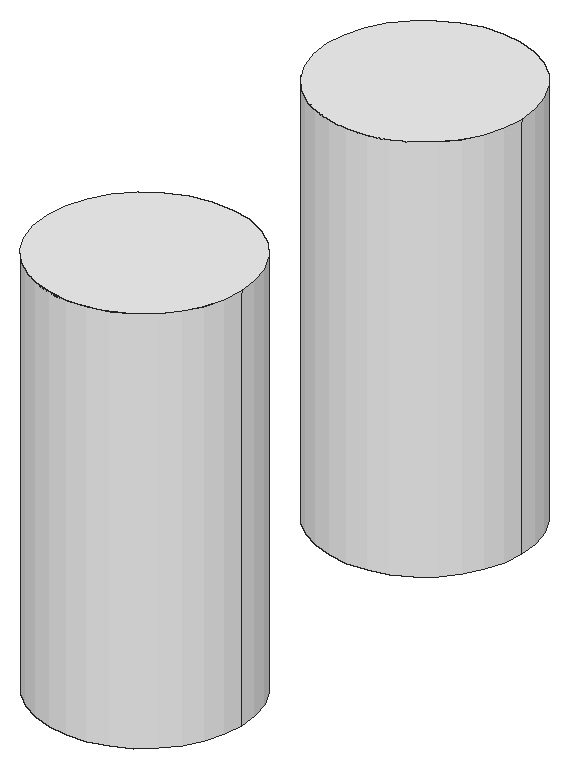
Revit family "44380200", category Plumbing Fixtures, Revit 2018
Family settings
  Round Connector Dimension = Use Diameter
  Part Type = Normal
  OmniClass Number = 23.45.55.00
  OmniClass Title = Sanitary Faucets, Wastes
  Work Plane-Based = No
  Always vertical = Yes
  Cut with Voids When Loaded = No
  Shared = No
  Room Calculation Point = No
Parameters (values of type "44380200 Overhead shower set ")
  WorkingPressure = "100 - 1000 kPa"
  Working Pressure = "100 - 1000 kPa"
  WarrantyStartDate [instance] = "n/a"
  WarrantyGuarantorParts = "n/a"
  WarrantyGuarantorLabor = "n/a"
  WarrantyDurationUnit = "Year"
  WarrantyDurationParts = "n/a"
  WarrantyDurationLabor = "n/a"
  WarrantyDescription = "http://warranty.hansa.com"
  Warranty Information URL = "http://warranty.hansa.com"
  VersionDate = "01/07/2022"
  Version = "3"  # constant formula
  ValvePattern = "n/a"
  ValveOperation = "n/a"
  ValveMechanism = "n/a"
  Uniclass2015Reference = "Pr_40_20_87_76"
  Uniclass2015Description = "Shower heads"
  Uniclass2 = "Pr_40_30_96_76"
  URL REACH = "http://static.hansa.com/doc/reach"
  URL Declaration of Conformity = "http://static.hansa.com/DoC/44380200"
  URL = ""
  UNSPSC Class Number = "30181801 Shower head"
  TestPressure = "n/a"
  Technical DataSheet URL = "http://www.hansa.com/datasheet/44380200/en"
  TagNumber [instance] = "n/a"
  SustainabilityPerformance = "n/a"
  Surface treatment = "Chrome"
  Spout Projection = "407 mm"
  Spare-Part Information URL = "http://static.hansa.com/sp/44380200"
  Size = "200x540x1175 mm"
  Shower Spray Number = "3 shower sprays"
  Shower Spray = "Normal;Refreshing;Relaxing"
  Shower Parts = "Hand shower;Shower rail;Overhead shower;Adjustable shower rail bracket;Shower hose (1750 mm);Variable fixing points;Rotatable ball joint connection;Anti limescale technology (easy to clean)"
  Shape = "Sculptured"
  SerialNumber [instance] = "n/a"
  Sales Package dimensions (LxWxH) = "1154 x 383 x 98"
  Revision = "2"  # constant formula
  ReplacementCost = "n/a"
  ProductInformation = "n/a"
  Product URL = "http://static.hansa.com/44380200"
  Product Image URL = "http://static.hansa.com/image/44380200"
  Product Family = "HANSABASICJET "
  Product Code = "44380200"
  Pressure Loss With Flow 02ls = 180000.0 Pa
  Over Head Shower Size = "Ø 200 mm"
  Noise Class = "I (ISO 3822) "
  Name_en = "44380200 Overhead shower set"
  Name = "44380200 Overhead shower set"
  NBSReference = "45-35-70/333 "
  NBSDescription = "Shower heads"
  ModelReference = "44380200"
  Mobile Product Information URL = "http://mpi.hansa.com/44380200"
  Mechanical Parts = "Non-return valve(s)"
  Max. Hot Water Supply = 70 °C
  Market = "International;Germany;Austria;Switzerland;Belgium;Netherlands;France;Czech Republic;Slovakia;Hungary;Romania;Italy;Spain;Greece;Portugal;Australia"
  ManufacturerURL = "http://www.hansa.com"
  ManufacturerName = "HANSA"
  Interactive AR View URL = "https://static.hansa.com/AR/44380200"
  Installation and Maintenance Guide URL = "http://static.hansa.com/manual/44380200"
  Installation Type = "Wall mounted"
  InletConnectionSize = 15 mm
  OperatingMechanismMaterial = "n/a"
  NominalWidth = 200 mm
  NominalHeight = 1174.835 mm
  NominalDepth = 539.176 mm
  ModelNumber = "n/a"
  Model = "44380200 Overhead shower set"
  Material = "Brass"
  Manufacturer = "HANSA"
  InstallationDate [instance] = "n/a"
  IfcExportType = "FAUCET"  # constant formula
  IfcExportAs = "IfcValveType"  # constant formula
  Hand Shower Size = "Ø 95 mm"
  Group = "Shower set"
  Grade = "n/a"
  FlowCoefficient = 0
  Flow Rate At 300kPa = 250.26 L/s
  Flow Drawing URL = "http://static.hansa.com/flowchart/44380200"
  Finish = "Polished"
  Features = "n/a"
  FaucetMainMaterial = Brass
  FDV Document URL = "http://www.hansa.com/datasheet/44380200/en/fdv"
  ExpectedLife = "n/a"
  ETIM Class Number = "EC011383 Shower head"
  EN Standard = "EN 1112, EN 1113"
  EAN Number = "4057304010996"
  DurationUnit = "Year"
  Diverter = "Turn operated diverter"
  Dimension Drawing URL = "http://static.hansa.com/dimdrw/44380200"
  Description = ""
  DefaultElevation [instance] = 900 mm
  Constituents = "n/a"
  Connection Size = "G1/2"
  Connection = "Flexible inlet pipes"
  Color = "Chrome"
  CodePerformance = "n/a"
  CloseOffRating = 0
  Category = "Bathroom;Shower"
  Catalog Drawing URL = "http://static.hansa.com/catdrw/44380200"
  Brand = "HANSA"
  BodyMaterial = "Brass"
  Barcode [instance] = "n/a"
  Backflow Prevention EN1717 = "EB"
  BIMObjectName = "44380200"
  Author = "BIMStone"
  AssetType = "Fixed"
  AssetIdentifier [instance] = "n/a"
  Advanced Features = "Flexible length / can be shortened"
  AccessibilityPerformance = "n/a"
  3D View = "https://static.hansa.com/3D/44380200"
  2D/3D/BIM Files URL = "http://static.hansa.com/bim/44380200"
Reference planes
  plane 1 "Center (Front/Back)": y = 0
  plane 2: z = 0
  plane 3 "Center (Left/Right)": x = 0
  plane 4: z = 2074.835
  plane 5: y = -539.176
  plane 6: x = -100
  plane 7: x = 100
  plane 8: z = 900
  plane 9: z = 870
Forms (mm)
  Extrusion 1, solid, material "Brass" <- "FaucetMainMaterial"
    sketch origin (0, -38.498, 0) x (1, 0, 0) y (0, 1, 0)
      loop
        circle (0, -24) r 7.5
    from 870 to 900
  Extrusion 2, solid, material "Brass" <- "FaucetMainMaterial"
    sketch origin (0, -65.498, 0) x (1, 0, 0) y (0, 1, 0)
      loop
        circle (0, -24) r 7.5
    from 870 to 900
Dimensions and locks
  "NominalHeight": plane 4 to plane 8
  "NominalDepth": plane 5 to plane 1 "Center (Front/Back)"
  equal spacing: plane 6, plane 3 "Center (Left/Right)", plane 7
  "DefaultElevation": plane 8 to level
  "NominalWidth": plane 6 to plane 7
  locked: plane 9 to plane 8 at 30
  "InletConnectionSize": diameter of Extrusion 2 sketch curve
  "InletConnectionSize": diameter of Extrusion 1 sketch curve
  aligned and locked: level to plane 2
  aligned and locked: plane 1 "Center (Front/Back)" to nested 2
  aligned and locked: plane 3 "Center (Left/Right)" to nested 2
  aligned and locked: plane 8 to Extrusion 1
  aligned and locked: Extrusion 1 to plane 9
  aligned and locked: plane 8 to Extrusion 2
  aligned and locked: Extrusion 2 to plane 9
  aligned and locked: plane 8 to nested 2
  aligned and locked: nested 2 to plane 4
  aligned and locked: plane 3 "Center (Left/Right)" to nested 1
  aligned and locked: plane 1 "Center (Front/Back)" to nested 1
Automatic sketch dimensions
  Extrusion 1 sketch curve to plane 3 "Center (Left/Right)" = 0 mm
  plane 1 "Center (Front/Back)" to Extrusion 1 sketch curve = 62.498 mm
  Extrusion 2 sketch curve to plane 3 "Center (Left/Right)" = 0 mm
  plane 1 "Center (Front/Back)" to Extrusion 2 sketch curve = 89.498 mm
Nested families
  nested 1: "Symbol" at (0, 0, 0), type "Symbol", detail levels coarse
  nested 2: "44380200_p" at (0, 0, 900), Material <- "FaucetMainMaterial", type "44380200_p"
    with Material Brass
Connectors
  piping at (0, -62.498, 870), diameter 15, driven by "InletConnectionSize"
    settings: on Extrusion 1, index 1, connector inside diameter 609.6 mm, connector length 0 mm, flow factor 0, pipe flow 0.26 L/s, pressure drop 180000.0 Pa, fitting loss kfactor 0, connector angle 0.00°, fixture units 0, engagement length 0 mm, angle of deflection 0.00°, flow configuration 1, flow direction 1, fitting loss method 4, system type 19, joint type 0, gender type 0, connector reference index -1, connector utility 0, adjustable connector no, is connector primary yes, connector description ""
  piping at (0, -89.498, 870), diameter 15, driven by "InletConnectionSize"
    settings: on Extrusion 2, index 2, connector inside diameter 609.6 mm, connector length 0 mm, flow factor 0, pipe flow 0.26 L/s, pressure drop 180000.0 Pa, fitting loss kfactor 0, connector angle 0.00°, fixture units 0, engagement length 0 mm, angle of deflection 0.00°, flow configuration 1, flow direction 2, fitting loss method 0, system type 19, joint type 0, gender type 0, connector reference index -1, connector utility 0, adjustable connector no, is connector primary no, connector description ""
Definition of nested family "Symbol"
  Reference planes
    plane 1: y = 0
    plane 2: x = 0
  Lines and regions (mm)
    detail lines
      curve 1: line (0, 0, 0) -> (0, -1.8, 0)
      curve 2: line (-0.4, -1.1, 0) -> (0.4, -1.1, 0)
      curve 3: line (-0.4, -1.4, 0) -> (0.4, -1.4, 0)
      curve 4: line (0.863, 0, 0) -> (-0.863, 0, 0)
      curve 5: circle (-1.163, 0, 0) r 0.3 normal (0, 0, -1)
      curve 6: circle (1.163, 0, 0) r 0.3 normal (0, 0, 1)
Definition of nested family "44380200_p"
  Parameters (values of type "44380200_p")
    Material [instance] = none
  Reference planes
    plane 1 "Center (Front/Back)": y = 0
    plane 2: z = 0
    plane 3 "Center (Left/Right)": x = 0
    plane 4: z = 1174.835
    plane 5: y = -539.176
    plane 6: x = -99.998
    plane 7: x = 99.998
    plane 8: z = 35.983
  Forms (mm)
    Revolve 1, solid, material <- "Material", detail levels medium
      sketch origin (0, -90.679, 1050.8) x (0, 1, 0) y (0, 0, 1)
        loop
          line (-348.5, 0) -> (-250.502, 0)
          arc (-250.502, 0) -> (-249.07, 0.604) -> (-248.503, 2.05) r 2
          line (-248.503, 2.05) -> (-248.856, 16.209)
          arc (-248.856, 16.209) -> (-249.379, 17.508) -> (-250.625, 18.146) r 2
          arc (-250.625, 18.146) -> (-287.84, 21.567) -> (-325.176, 23.191) r 775.113
          arc (-325.176, 23.191) -> (-331.336, 25.711) -> (-334.607, 31.507) r 10.139
          arc (-334.607, 31.507) -> (-334.813, 31.861) -> (-335.198, 32) r 0.6
          line (-335.198, 32) -> (-338.425, 32) -> (-336.165, 32.823) -> (-336.165, 49.758) -> (-338.316, 49.758) -> (-337.693, 50.263) -> (-337.693, 54.636) -> (-338.957, 55.9) -> (-338.957, 57.1) -> (-336.805, 57.1)
          arc (-336.805, 57.1) -> (-336.38, 57.276) -> (-336.205, 57.7) r 0.6
          line (-336.205, 57.7) -> (-336.205, 59.314)
          arc (-336.205, 59.314) -> (-336.23, 59.706) -> (-336.307, 60.091) r 3
          line (-336.307, 60.091) -> (-338.066, 66.655)
          arc (-338.066, 66.655) -> (-338.28, 66.976) -> (-338.645, 67.1) r 0.6
          line (-338.645, 67.1) -> (-348.5, 67.1) -> (-348.5, 0)
        axis (-348.5, 0) -> (-348.5, 67.1)
      angle from 0 to 360
    Sweep 2, solid, material <- "Material", detail levels medium
      path origin (0, 0, 0) x (0, 1, 0) y (0, 0, 1)
        loop
          line (-98.392, 64.954) -> (-98.392, 1136.106)
          arc (-98.392, 1136.106) -> (-104.669, 1150.932) -> (-119.568, 1157.035) r 21.135
          line (-119.568, 1157.035) -> (-409.514, 1157.035)
          arc (-409.514, 1157.035) -> (-424.421, 1150.86) -> (-430.595, 1135.954) r 21.081
          line (-430.595, 1135.954) -> (-430.595, 1117.9)
      profile origin (0, -98.392, 600.53) x (0, -1, 0) y (1, 0, 0)
        loop
          circle (-9, 0) r 9.011
    Revolve 3, solid, material <- "Material", detail levels medium
      sketch origin (0, 0, 0) x (0, 1, 0) y (0, 0, 1)
        loop
          arc (-79.781, 65.3) -> (-79.957, 65.724) -> (-80.381, 65.9) r 0.6
          line (-80.381, 65.9) -> (-89.392, 65.9) -> (-89.392, 48.736) -> (-79.781, 48.736) -> (-79.781, 65.3)
        axis (-89.392, 65.9) -> (-89.392, 48.736)
      angle from 0 to 360
    Revolve 4, solid, material <- "Material", detail levels medium
      sketch origin (0, 0, 0) x (0, 1, 0) y (0, 0, 1)
        loop
          arc (-48.577, 35.983) -> (-48.753, 45.206) -> (-49.284, 54.415) r 239.509
          arc (-49.284, 54.415) -> (-49.639, 55.014) -> (-50.295, 55.25) r 1.03
          line (-50.295, 55.25) -> (-144.198, 55.25) -> (-144.198, 52.538) -> (-145.082, 52.538) -> (-145.082, 53.542)
          arc (-145.082, 53.542) -> (-145.379, 54.253) -> (-146.093, 54.542) r 1
          line (-146.093, 54.542) -> (-152.182, 54.474)
          arc (-152.182, 54.474) -> (-153.581, 53.881) -> (-154.16, 52.475) r 2
          line (-154.16, 52.475) -> (-154.16, 35.983) -> (-48.577, 35.983)
        axis (-154.16, 35.983) -> (-48.577, 35.983)
      angle from 0 to 360
    Revolve 5, solid, material <- "Material", detail levels medium
      sketch origin (0, 0, 0) x (0, 1, 0) y (0, 0, 1)
        loop
          line (-51.957, 0) -> (-51.957, 22.338) -> (-62.498, 22.338) -> (-62.498, 0) -> (-51.957, 0)
        axis (-62.498, 22.338) -> (-62.498, 0)
      angle from 0 to 360
    Revolve 6, solid, material <- "Material", detail levels medium
      sketch origin (0, -27, 0) x (0, 1, 0) y (0, 0, 1)
        loop
          line (-51.957, 0) -> (-51.957, 22.338) -> (-62.498, 22.338) -> (-62.498, 0) -> (-51.957, 0)
        axis (-62.498, 22.338) -> (-62.498, 0)
      angle from 0 to 360
    Revolve 7, solid, material <- "Material", detail levels medium
      sketch origin (0, 0, 0) x (0, 1, 0) y (0, 0, 1)
        loop
          line (-1.525, 235.5) -> (-1.525, 254.75) -> (-5.925, 254.75)
          arc (-5.925, 254.75) -> (-6.349, 254.574) -> (-6.525, 254.15) r 0.6
          line (-6.525, 254.15) -> (-6.525, 248.767)
          arc (-6.525, 248.767) -> (-6.818, 248.059) -> (-7.525, 247.767) r 1
          line (-7.525, 247.767) -> (-40.525, 247.767)
          arc (-40.525, 247.767) -> (-41.232, 247.474) -> (-41.525, 246.767) r 1
          line (-41.525, 246.767) -> (-41.525, 241.5) -> (-64.498, 241.5) -> (-64.498, 240) -> (-72.498, 240) -> (-72.498, 247.25)
          arc (-72.498, 247.25) -> (-72.674, 247.674) -> (-73.098, 247.85) r 0.6
          line (-73.098, 247.85) -> (-100.369, 247.85)
          arc (-100.369, 247.85) -> (-102.108, 247.13) -> (-102.828, 245.391) r 2.459
          arc (-102.828, 245.391) -> (-103.278, 240.454) -> (-103.428, 235.5) r 81.896
          line (-103.428, 235.5) -> (-1.525, 235.5)
        axis (-103.428, 235.5) -> (-1.525, 235.5)
      angle from 0 to 360
    Revolve 8, solid, material <- "Material", detail levels medium
      sketch origin (0, 1.525, 718.089) x (0, 1, 0) y (0, 0, 1)
        loop
          line (-1.525, 235.5) -> (-1.525, 254.75) -> (-5.925, 254.75)
          arc (-5.925, 254.75) -> (-6.349, 254.574) -> (-6.525, 254.15) r 0.6
          line (-6.525, 254.15) -> (-6.525, 248.767)
          arc (-6.525, 248.767) -> (-6.818, 248.059) -> (-7.525, 247.767) r 1
          line (-7.525, 247.767) -> (-40.525, 247.767)
          arc (-40.525, 247.767) -> (-41.232, 247.474) -> (-41.525, 246.767) r 1
          line (-41.525, 246.767) -> (-41.525, 241.5) -> (-65.992, 241.5) -> (-65.992, 240) -> (-73.992, 240) -> (-73.992, 247.25)
          arc (-73.992, 247.25) -> (-74.168, 247.674) -> (-74.592, 247.85) r 0.6
          line (-74.592, 247.85) -> (-101.863, 247.85)
          arc (-101.863, 247.85) -> (-103.602, 247.13) -> (-104.322, 245.391) r 2.459
          arc (-104.322, 245.391) -> (-104.772, 240.454) -> (-104.922, 235.5) r 81.896
          line (-104.922, 235.5) -> (-1.525, 235.5)
        axis (-104.922, 235.5) -> (-1.525, 235.5)
      angle from 0 to 360
    Extrusion 9, solid, material <- "Material", detail levels medium
      sketch origin (0, 0, 0) x (0, 1, 0) y (0, 0, 1)
        loop
          line (-73.335, 559.859) -> (-125.681, 559.21)
          arc (-125.681, 559.21) -> (-143.711, 542.914) -> (-129.807, 522.982) r 18.376
          line (-129.807, 522.982) -> (-73.785, 509.318)
          arc (-73.785, 509.318) -> (-72.075, 509.688) -> (-71.311, 511.261) r 2
          line (-71.311, 511.261) -> (-71.311, 557.859)
          arc (-71.311, 557.859) -> (-71.905, 559.282) -> (-73.335, 559.859) r 2
      from -18 to 18
    Revolve 10, solid, material <- "Material", detail levels medium
      sketch origin (0, -125.722, 0) x (1, 0, 0) y (0, 0, 1)
        loop
          line (-18, 541.096) -> (-18, 556.833) -> (-49.508, 556.833)
          arc (-49.508, 556.833) -> (-50.178, 556.576) -> (-50.503, 555.937) r 1
          arc (-50.503, 555.937) -> (-51.074, 548.526) -> (-51.256, 541.096) r 141.435
          line (-51.256, 541.096) -> (-18, 541.096)
        axis (-51.256, 541.096) -> (-18, 541.096)
      angle from 0 to 360
    Extrusion 11, solid, material <- "Material", detail levels medium
      sketch origin (0, -141.425, 791.033) x (0, -0.340256, 0.940333) y (-1, 0, 0)
        loop
          circle (-45.147, 32.329) r 47
      from 0 to 28.663
    Revolve 12, solid, material <- "Material", detail levels medium
      sketch origin (-32.3, 0, 0) x (0, 1, 0) y (0, 0, 1)
        loop
          line (-115.459, 476.5) -> (-115.459, 530.5) -> (-112.837, 530.5) -> (-111.298, 559.869)
          arc (-111.298, 559.869) -> (-111.462, 560.313) -> (-111.897, 560.5) r 0.6
          line (-111.897, 560.5) -> (-110.759, 560.5) -> (-110.759, 688.653)
          arc (-110.759, 688.653) -> (-110.612, 696.551) -> (-110.17, 704.438) r 211.953
          line (-110.17, 704.438) -> (-122.998, 704.438) -> (-122.998, 446.5) -> (-111.959, 446.5)
          arc (-111.959, 446.5) -> (-111.526, 446.685) -> (-111.359, 447.126) r 0.6
          line (-111.359, 447.126) -> (-112.603, 475.926)
          arc (-112.603, 475.926) -> (-112.788, 476.333) -> (-113.203, 476.5) r 0.6
          line (-113.203, 476.5) -> (-115.459, 476.5)
        axis (-122.998, 446.5) -> (-122.998, 704.438)
      angle from 0 to 360
    Extrusion 13, solid, material <- "Material", detail levels medium
      sketch origin (0, 0, 0) x (1, 0, 0) y (0, 0, 1)
        loop
          arc (-3.397, 53.898) -> (-3.981, 53.554) -> (-4.211, 52.915) r 1
          line (-4.211, 52.915) -> (-4.211, 9.297)
          arc (-4.211, 9.297) -> (-3.981, 8.659) -> (-3.397, 8.314) r 1
          arc (-3.397, 8.314) -> (0.019, 7.995) -> (3.434, 8.314) r 18.432
          arc (3.434, 8.314) -> (3.924, 8.56) -> (4.211, 9.027) r 1
          line (4.211, 9.027) -> (4.211, 52.915)
          arc (4.211, 52.915) -> (3.981, 53.554) -> (3.397, 53.898) r 1
          arc (3.397, 53.898) -> (0, 54.215) -> (-3.397, 53.898) r 18.332
      from 145.082 to 164.662
    Extrusion 14, solid, material <- "Material", detail levels coarse
      sketch origin (0, 0, 0) x (1, 0, 0) y (0, 1, 0)
        loop
          line (-99.998, -539.176) -> (99.998, -539.176) -> (99.998, 0) -> (-99.998, 0) -> (-99.998, -539.176)
      from 0 to 1174.835
    Extrusion 15, solid, detail levels medium
      sketch origin (0, 0, 0) x (0, 1, 0) y (0, 0, 1)
        loop
          arc (-145.266, 717.41) -> (-149.06, 703.78) -> (-137.422, 695.734) r 12.197
          line (-137.422, 695.734) -> (-145.266, 717.41)
      from -35.763 to -28.868
    Extrusion 16, solid, material <- "Material", detail levels medium
      sketch origin (0, 0, 0) x (1, 0, 0) y (0, 1, 0)
        loop
          arc (-8.894, -125.106) -> (0.004, -134.003) -> (8.902, -125.106) r 8.898
          line (8.902, -125.106) -> (8.902, -91.298) -> (-8.894, -91.298) -> (-8.894, -125.106)
      from 513.949 to 530.5
  Cuts and joins
    joined: Revolve 1, Sweep 2, Revolve 3, Revolve 4, Revolve 5, Revolve 6, Revolve 7, Revolve 8, Extrusion 9, Revolve 10, Extrusion 11, Revolve 12, Extrusion 13, Extrusion 16
  Lines and regions (mm)
    symbolic lines, detail levels medium+fine
      curve 1: line (0, -144.198, 16.75) -> (0, -99.931, 16.75)
      curve 2: line (0, -144.198, 55.25) -> (0, -98.992, 55.25)
      curve 3: arc (0, -50.295, 55.25) -> (0, -49.639, 55.014) -> (0, -49.284, 54.415) r 1.03
      curve 4: arc (0, -50.295, 16.75) -> (0, -49.653, 16.975) -> (0, -49.291, 17.551) r 1.03
      curve 5: arc (0, -49.284, 54.415) -> (0, -48.577, 35.983) -> (0, -49.291, 17.551) r 239.509
      curve 6: line (0, -144.198, 55.25) -> (0, -144.198, 52.538)
      curve 7: line (0, -144.948, 53.947) -> (0, -144.948, 52.538)
      curve 8: line (0, -145.554, 54.547) -> (0, -163.122, 54.354)
      curve 9: arc (0, -163.122, 54.354) -> (0, -164.239, 53.877) -> (0, -164.691, 52.75) r 1.587
      curve 10: line (0, -164.691, 52.75) -> (0, -164.691, 9.617)
      curve 11: line (0, -163.229, 8.139) -> (0, -145.554, 7.95)
      curve 12: arc (0, -144.948, 8.55) -> (0, -145.126, 8.123) -> (0, -145.554, 7.95) r 0.6
      curve 13: arc (0, -164.691, 9.617) -> (0, -164.264, 8.577) -> (0, -163.229, 8.139) r 1.478
      curve 14: line (0, -144.948, 19.444) -> (0, -144.198, 19.444)
      curve 15: line (0, -144.198, 52.538) -> (0, -144.948, 52.538)
      curve 16: arc (0, -145.554, 54.547) -> (0, -145.126, 54.374) -> (0, -144.948, 53.947) r 0.6
      curve 19: line (0, -144.948, 19.444) -> (0, -144.948, 8.55)
      curve 20: line (0, -144.198, 19.444) -> (0, -144.198, 16.75)
      curve 21: line (0, -53.22, 0) -> (0, -71.775, 0)
      curve 22: line (0, -71.775, 0) -> (0, -72.929, 1.154)
      curve 23: line (0, -72.929, 1.154) -> (0, -72.929, 16.75)
      curve 24: line (0, -53.22, 0) -> (0, -51.957, 1.264)
      curve 25: line (0, -51.957, 1.264) -> (0, -51.957, 16.75)
      curve 26: line (0, -80.22, 0) -> (0, -98.775, 0)
      curve 27: line (0, -98.775, 0) -> (0, -99.931, 1.155)
      curve 28: line (0, -99.931, 1.155) -> (0, -99.931, 16.75)
      curve 29: line (0, -80.22, 0) -> (0, -78.986, 1.234)
      curve 30: line (0, -78.986, 1.234) -> (0, -78.986, 16.75)
      curve 31: line (0, -51.957, 16.75) -> (0, -50.295, 16.75)
      curve 32: line (0, -78.986, 16.75) -> (0, -72.929, 16.75)
      curve 33: line (0, -79.991, 65.3) -> (0, -79.991, 55.25)
      curve 34: line (0, -98.992, 65.3) -> (0, -98.992, 55.25)
      curve 36: arc (0, -80.591, 65.9) -> (0, -80.167, 65.724) -> (0, -79.991, 65.3) r 0.6
      curve 37: arc (0, -98.392, 65.9) -> (0, -98.816, 65.724) -> (0, -98.992, 65.3) r 0.6
      curve 38: line (0, -80.591, 65.9) -> (0, -80.591, 223.15)
      curve 39: line (0, -98.392, 65.9) -> (0, -98.392, 223.15)
      curve 40: arc (0, -80.591, 1135.9) -> (0, -92.015, 1163.451) -> (0, -119.583, 1174.835) r 38.935
      curve 41: line (0, -119.583, 1174.835) -> (0, -409.514, 1174.835)
      curve 42: arc (0, -409.514, 1174.835) -> (0, -437.007, 1163.447) -> (0, -448.395, 1135.954) r 38.881
      curve 43: line (0, -448.395, 1135.954) -> (0, -448.395, 1117.9)
      curve 44: arc (0, -98.392, 1136.106) -> (0, -104.669, 1150.932) -> (0, -119.568, 1157.035) r 21.135
      curve 45: line (0, -119.568, 1157.035) -> (0, -409.514, 1157.035)
      curve 46: arc (0, -409.514, 1157.035) -> (0, -424.421, 1150.86) -> (0, -430.595, 1135.954) r 21.081
      curve 47: line (0, -430.595, 1135.954) -> (0, -430.595, 1117.9)
      curve 48: line (0, -448.395, 1117.9) -> (0, -449.034, 1117.9)
      curve 49: line (0, -449.613, 1117.455) -> (0, -451.406, 1110.764)
      curve 50: line (0, -451.474, 1108.5) -> (0, -451.474, 1110.246)
      curve 51: arc (0, -449.034, 1117.9) -> (0, -449.399, 1117.776) -> (0, -449.613, 1117.455) r 0.6
      curve 52: arc (0, -451.406, 1110.764) -> (0, -451.457, 1110.507) -> (0, -451.474, 1110.246) r 2
      curve 53: line (0, -450.874, 1107.9) -> (0, -448.722, 1107.9)
      curve 54: arc (0, -450.874, 1107.9) -> (0, -451.298, 1108.076) -> (0, -451.474, 1108.5) r 0.6
      curve 55: line (0, -448.722, 1106.7) -> (0, -448.722, 1107.9)
      curve 56: line (0, -448.722, 1106.7) -> (0, -449.986, 1105.436)
      curve 57: line (0, -449.986, 1105.436) -> (0, -449.986, 1101.063)
      curve 58: line (0, -449.986, 1101.063) -> (0, -449.363, 1100.559)
      curve 59: line (0, -451.514, 1100.559) -> (0, -449.363, 1100.559)
      curve 60: line (0, -451.514, 1083.658) -> (0, -451.514, 1100.559)
      curve 61: line (0, -449.157, 1082.8) -> (0, -451.514, 1083.658)
      curve 62: arc (0, -341.181, 1050.8) -> (0, -339.749, 1051.404) -> (0, -339.181, 1052.85) r 2
      curve 63: line (0, -339.181, 1052.85) -> (0, -339.535, 1067.009)
      curve 64: arc (0, -339.535, 1067.009) -> (0, -340.058, 1068.308) -> (0, -341.303, 1068.946) r 2
      curve 65: arc (0, -341.303, 1068.946) -> (0, -378.519, 1072.367) -> (0, -415.855, 1073.991) r 775.113
      curve 66: line (0, -341.181, 1050.8) -> (0, -439.179, 1050.8)
      curve 67: arc (0, -415.855, 1073.991) -> (0, -422.015, 1076.511) -> (0, -425.286, 1082.307) r 10.139
      curve 68: arc (0, -425.286, 1082.307) -> (0, -425.492, 1082.661) -> (0, -425.876, 1082.8) r 0.6
      curve 69: line (0, -425.876, 1082.8) -> (0, -429.201, 1082.8)
      curve 70: arc (0, -537.177, 1050.8) -> (0, -538.609, 1051.404) -> (0, -539.176, 1052.85) r 2
      curve 71: line (0, -539.176, 1052.85) -> (0, -538.823, 1067.009)
      curve 72: arc (0, -538.823, 1067.009) -> (0, -538.3, 1068.308) -> (0, -537.054, 1068.946) r 2
      curve 73: arc (0, -537.054, 1068.946) -> (0, -499.839, 1072.367) -> (0, -462.503, 1073.991) r 775.113
      curve 74: line (0, -537.177, 1050.8) -> (0, -439.179, 1050.8)
      curve 75: arc (0, -462.503, 1073.991) -> (0, -456.342, 1076.511) -> (0, -453.072, 1082.307) r 10.139
      curve 76: arc (0, -453.072, 1082.307) -> (0, -452.866, 1082.661) -> (0, -452.481, 1082.8) r 0.6
      curve 77: line (0, -452.481, 1082.8) -> (0, -449.157, 1082.8)
      curve 78: line (0, -428.745, 1117.455) -> (0, -426.952, 1110.764)
      curve 79: line (0, -426.884, 1108.5) -> (0, -426.884, 1110.246)
      curve 80: arc (0, -429.324, 1117.9) -> (0, -428.959, 1117.776) -> (0, -428.745, 1117.455) r 0.6
      curve 81: line (0, -427.484, 1107.9) -> (0, -429.636, 1107.9)
      curve 82: arc (0, -427.484, 1107.9) -> (0, -427.059, 1108.076) -> (0, -426.884, 1108.5) r 0.6
      curve 83: line (0, -429.636, 1106.7) -> (0, -429.636, 1107.9)
      curve 84: line (0, -429.636, 1106.7) -> (0, -428.372, 1105.436)
      curve 85: line (0, -428.372, 1105.436) -> (0, -428.372, 1101.063)
      curve 86: line (0, -428.372, 1101.063) -> (0, -428.995, 1100.559)
      curve 87: line (0, -426.843, 1100.559) -> (0, -428.995, 1100.559)
      curve 88: line (0, -426.843, 1083.658) -> (0, -426.843, 1100.559)
      curve 89: line (0, -429.201, 1082.8) -> (0, -426.843, 1083.658)
      curve 90: arc (0, -426.952, 1110.764) -> (0, -426.901, 1110.507) -> (0, -426.884, 1110.246) r 2
      curve 92: line (0, -429.324, 1117.9) -> (0, -430.595, 1117.9)
      curve 95: line (0, -1.525, 216.25) -> (0, -1.525, 254.75)
      curve 96: line (0, -1.525, 254.75) -> (0, -5.925, 254.75)
      curve 97: line (0, -6.525, 254.15) -> (0, -6.525, 248.767)
      curve 98: line (0, -7.525, 247.767) -> (0, -40.525, 247.767)
      curve 99: line (0, -41.525, 246.767) -> (0, -41.525, 241.5)
      curve 100: line (0, -64.498, 241.5) -> (0, -41.525, 241.5)
      curve 101: line (0, -64.498, 240) -> (0, -72.498, 240)
      curve 102: line (0, -64.498, 240) -> (0, -64.498, 241.5)
      curve 103: line (0, -72.498, 247.25) -> (0, -72.498, 240)
      curve 104: line (0, -73.098, 247.85) -> (0, -80.591, 247.85)
      curve 105: arc (0, -100.369, 247.85) -> (0, -102.108, 247.13) -> (0, -102.828, 245.391) r 2.459
      curve 106: arc (0, -73.098, 247.85) -> (0, -72.674, 247.674) -> (0, -72.498, 247.25) r 0.6
      curve 107: arc (0, -40.525, 247.767) -> (0, -41.232, 247.474) -> (0, -41.525, 246.767) r 1
      curve 108: arc (0, -5.925, 254.75) -> (0, -6.349, 254.574) -> (0, -6.525, 254.15) r 0.6
      curve 109: arc (0, -7.525, 247.767) -> (0, -6.818, 248.059) -> (0, -6.525, 248.767) r 1
      curve 110: line (0, -1.525, 216.25) -> (0, -5.925, 216.25)
      curve 111: line (0, -6.525, 216.85) -> (0, -6.525, 222.233)
      curve 112: line (0, -7.525, 223.233) -> (0, -40.525, 223.233)
      curve 113: line (0, -41.525, 224.233) -> (0, -41.525, 229.5)
      curve 114: line (0, -64.498, 229.5) -> (0, -41.525, 229.5)
      curve 115: line (0, -64.498, 231) -> (0, -72.498, 231)
      curve 116: line (0, -64.498, 231) -> (0, -64.498, 229.5)
      curve 117: line (0, -72.498, 223.75) -> (0, -72.498, 231)
      curve 118: line (0, -73.098, 223.15) -> (0, -80.591, 223.15)
      curve 119: arc (0, -100.369, 223.15) -> (0, -102.108, 223.87) -> (0, -102.828, 225.609) r 2.459
      curve 120: arc (0, -73.098, 223.15) -> (0, -72.674, 223.326) -> (0, -72.498, 223.75) r 0.6
      curve 121: arc (0, -40.525, 223.233) -> (0, -41.232, 223.526) -> (0, -41.525, 224.233) r 1
      curve 122: arc (0, -5.925, 216.25) -> (0, -6.349, 216.426) -> (0, -6.525, 216.85) r 0.6
      curve 123: arc (0, -7.525, 223.233) -> (0, -6.818, 222.941) -> (0, -6.525, 222.233) r 1
      curve 124: arc (0, -102.828, 245.391) -> (0, -103.428, 235.5) -> (0, -102.828, 225.609) r 81.896
      curve 129: line (0, -80.591, 247.85) -> (0, -80.591, 510.978)
      curve 130: line (0, -98.392, 247.85) -> (0, -98.392, 514.593)
      curve 132: line (0, -98.392, 223.15) -> (0, -100.369, 223.15)
      curve 133: line (0, -98.392, 247.85) -> (0, -100.369, 247.85)
      curve 135: line (0, -79.991, 55.25) -> (0, -50.295, 55.25)
      curve 137: line (0, 0, 972.839) -> (0, 0, 934.339)
      curve 138: line (0, 0, 972.839) -> (0, -4.4, 972.839)
      curve 139: line (0, -6, 965.856) -> (0, -39, 965.856)
      curve 140: line (0, -40, 964.856) -> (0, -40, 959.589)
      curve 141: line (0, -64.467, 959.589) -> (0, -40, 959.589)
      curve 142: line (0, -64.467, 958.089) -> (0, -72.498, 958.089)
      curve 143: line (0, -64.467, 958.089) -> (0, -64.467, 959.589)
      curve 144: line (0, -72.498, 965.339) -> (0, -72.498, 958.089)
      curve 145: line (0, -73.098, 965.939) -> (0, -80.591, 965.939)
      curve 146: arc (0, -100.369, 965.939) -> (0, -102.108, 965.219) -> (0, -102.828, 963.48) r 2.459
      curve 147: arc (0, -73.098, 965.939) -> (0, -72.674, 965.764) -> (0, -72.498, 965.339) r 0.6
      curve 148: arc (0, -39, 965.856) -> (0, -39.707, 965.563) -> (0, -40, 964.856) r 1
      curve 149: arc (0, -4.4, 972.839) -> (0, -4.824, 972.664) -> (0, -5, 972.239) r 0.6
      curve 150: arc (0, -6, 965.856) -> (0, -5.293, 966.149) -> (0, -5, 966.856) r 1
      curve 151: line (0, 0, 934.339) -> (0, -4.4, 934.339)
      curve 152: line (0, -5, 934.939) -> (0, -5, 940.323)
      curve 153: line (0, -6, 941.323) -> (0, -39, 941.323)
      curve 154: line (0, -40, 942.323) -> (0, -40, 947.589)
      curve 155: line (0, -64.467, 947.589) -> (0, -40, 947.589)
      curve 156: line (0, -64.467, 949.089) -> (0, -72.498, 949.089)
      curve 157: line (0, -64.467, 949.089) -> (0, -64.467, 947.589)
      curve 158: line (0, -72.498, 941.84) -> (0, -72.498, 949.089)
      curve 159: line (0, -73.098, 941.24) -> (0, -80.591, 941.24)
      curve 160: arc (0, -100.369, 941.24) -> (0, -102.108, 941.96) -> (0, -102.828, 943.699) r 2.459
      curve 161: arc (0, -73.098, 941.24) -> (0, -72.674, 941.415) -> (0, -72.498, 941.84) r 0.6
      curve 162: arc (0, -39, 941.323) -> (0, -39.707, 941.616) -> (0, -40, 942.323) r 1
      curve 163: arc (0, -4.4, 934.339) -> (0, -4.824, 934.515) -> (0, -5, 934.939) r 0.6
      curve 164: arc (0, -6, 941.323) -> (0, -5.293, 941.03) -> (0, -5, 940.323) r 1
      curve 165: arc (0, -102.828, 963.48) -> (0, -103.428, 953.589) -> (0, -102.828, 943.699) r 81.896
      curve 171: line (0, -98.392, 941.24) -> (0, -100.369, 941.24)
      curve 172: line (0, -98.392, 965.939) -> (0, -100.369, 965.939)
      curve 174: line (0, -80.591, 965.939) -> (0, -80.591, 1135.9)
      curve 175: line (0, -98.392, 965.939) -> (0, -98.392, 1136.106)
      curve 176: line (0, -5, 972.239) -> (0, -5, 966.856)
      curve 177: line (0, -73.335, 559.859) -> (0, -80.591, 559.769)
      curve 178: line (0, -73.785, 509.318) -> (0, -80.591, 510.978)
      curve 180: line (0, -71.311, 511.261) -> (0, -71.311, 557.859)
      curve 181: arc (0, -71.311, 557.859) -> (0, -71.905, 559.282) -> (0, -73.335, 559.859) r 2
      curve 182: arc (0, -73.785, 509.318) -> (0, -72.075, 509.688) -> (0, -71.311, 511.261) r 2
      curve 183: line (0, -80.591, 559.769) -> (0, -80.591, 941.24)
      curve 184: line (0, -98.392, 559.548) -> (0, -98.392, 941.24)
      curve 186: line (0, -98.392, 559.548) -> (0, -111.323, 559.388)
      curve 189: line (0, -98.392, 514.593) -> (0, -115.459, 514.251)
      curve 191: line (0, -115.459, 476.5) -> (0, -115.459, 514.251)
      curve 192: line (0, -130.489, 476.5) -> (0, -130.489, 513.949)
      curve 193: line (0, -132.753, 515.156) -> (0, -133.939, 524.535)
      curve 194: arc (0, -131.337, 513.932) -> (0, -132.28, 514.272) -> (0, -132.753, 515.156) r 1.4
      curve 195: line (0, -130.489, 513.949) -> (0, -131.337, 513.932)
      curve 196: arc (0, -133.939, 524.535) -> (0, -143.827, 540.544) -> (0, -134.451, 556.857) r 18.376
      curve 203: arc (0, -134.01, 560.5) -> (0, -134.445, 560.313) -> (0, -134.609, 559.869) r 0.6
      curve 204: arc (0, -111.897, 560.5) -> (0, -111.462, 560.313) -> (0, -111.298, 559.869) r 0.6
      curve 205: line (0, -111.897, 560.5) -> (0, -110.759, 560.5)
      curve 206: line (0, -134.01, 560.5) -> (0, -135.264, 560.5)
      curve 207: line (0, -135.264, 560.5) -> (0, -135.264, 685.5)
      curve 208: line (0, -110.759, 560.5) -> (0, -110.759, 688.653)
      curve 209: arc (0, -110.759, 688.653) -> (0, -110.608, 696.643) -> (0, -110.157, 704.621) r 211.953
      curve 210: line (0, -110.157, 704.621) -> (0, -141.425, 791.033)
      curve 211: arc (0, -141.425, 791.033) -> (0, -142.185, 791.866) -> (0, -143.311, 791.918) r 1.473
      curve 212: line (0, -143.311, 791.918) -> (0, -166.938, 783.746)
      curve 213: arc (0, -166.938, 783.746) -> (0, -168.266, 782.569) -> (0, -168.372, 780.797) r 2.319
      curve 214: line (0, -168.372, 780.797) -> (0, -145.293, 717.388)
      curve 215: arc (0, -137.412, 695.734) -> (0, -135.974, 690.694) -> (0, -135.264, 685.5) r 36.896
      curve 217: line (0, -134.451, 556.857) -> (0, -134.609, 559.869)
      curve 218: line (0, -111.323, 559.388) -> (0, -111.298, 559.869)
      curve 219: line (-9.278, 0, 0) -> (0, 0, 0)
      curve 220: line (-9.278, 0, 0) -> (-10.461, 0, 1.183)
      curve 221: line (-10.461, 0, 1.183) -> (-10.461, 0, 19.721)
      curve 223: line (-9.473, 0, 65.3) -> (-9.473, 0, 52.804)
      curve 225: arc (-8.873, 0, 65.9) -> (-9.298, 0, 65.724) -> (-9.473, 0, 65.3) r 0.6
      curve 226: line (-8.873, 0, 65.9) -> (-8.873, 0, 218.417)
      curve 227: arc (-8.873, 0, 252.583) -> (-19.25, 0, 235.5) -> (-8.873, 0, 218.417) r 19.25
      curve 229: line (-18, 0, 514.56) -> (-18, 0, 525.358)
      curve 231: line (-24.762, 0, 476.5) -> (-24.762, 0, 525.358)
      curve 232: line (-39.838, 0, 476.5) -> (-39.838, 0, 525.358)
      curve 233: arc (-50.503, 0, 555.937) -> (-51.074, 0, 548.526) -> (-51.256, 0, 541.096) r 141.435
      curve 234: arc (-49.508, 0, 556.833) -> (-50.178, 0, 556.576) -> (-50.503, 0, 555.937) r 1
      curve 236: arc (-50.503, 0, 526.255) -> (-51.074, 0, 533.665) -> (-51.256, 0, 541.096) r 141.435
      curve 237: arc (-49.508, 0, 525.358) -> (-50.178, 0, 525.615) -> (-50.503, 0, 526.255) r 1
      curve 238: line (-39.838, 0, 525.358) -> (-49.508, 0, 525.358)
      curve 242: line (-44, 0, 559.869) -> (-43.841, 0, 556.833)
      curve 243: arc (-43.401, 0, 560.5) -> (-43.836, 0, 560.313) -> (-44, 0, 559.869) r 0.6
      curve 244: line (-43.401, 0, 560.5) -> (-44.539, 0, 560.5)
      curve 246: line (-44.539, 0, 560.5) -> (-44.539, 0, 683.665)
      curve 247: spline (-79.329, 0, 748.58) -> (-78.615, 0, 756.25) -> (-76.497, 0, 763.688) -> (-73.038, 0, 770.667) -> (-68.344, 0, 776.976) -> (-62.556, 0, 782.423) -> (-55.851, 0, 786.842) -> (-48.432, 0, 790.1) -> (-40.524, 0, 792.098) -> (-32.367, 0, 792.776) -> (-24.21, 0, 792.111) -> (-16.298, 0, 790.125) -> (-8.873, 0, 786.879)
      curve 248: line (-79.329, 0, 738.827) -> (-79.329, 0, 748.58)
      curve 249: arc (-44.539, 0, 683.665) -> (-44.621, 0, 686.705) -> (-44.868, 0, 689.736) r 56.113
      curve 250: arc (-44.868, 0, 689.736) -> (-45.433, 0, 692.303) -> (-46.537, 0, 694.688) r 12.15
      curve 251: arc (-46.537, 0, 694.688) -> (-46.981, 0, 695.383) -> (-47.46, 0, 696.053) r 15.688
      curve 252: arc (-49.812, 0, 697.764) -> (-71.078, 0, 713.618) -> (-79.329, 0, 738.827) r 43.895
      curve 253: arc (-49.812, 0, 697.764) -> (-48.509, 0, 697.083) -> (-47.46, 0, 696.053) r 5
      curve 254: line (-43.841, 0, 556.833) -> (-49.508, 0, 556.833)
      curve 266: arc (-8.873, 0, 509.81) -> (-11.993, 0, 510.353) -> (-14.968, 0, 511.44) r 17.818
      curve 267: arc (-14.968, 0, 511.44) -> (-15.911, 0, 511.923) -> (-16.819, 0, 512.468) r 15.62
      curve 268: arc (-16.819, 0, 512.468) -> (-17.666, 0, 513.369) -> (-18, 0, 514.56) r 2.592
      curve 278: line (14.671, 0, 736.963) -> (14.671, 0, 748.58)
      curve 279: line (-8.873, 0, 786.879) -> (-8.873, 0, 1050.8)
      curve 283: line (-8.873, 0, 252.583) -> (-8.873, 0, 509.81)
      curve 294: line (-97.998, 0, 1050.8) -> (-8.873, 0, 1050.8)
      curve 296: line (-8.873, 0, 1117.9) -> (-9.855, 0, 1117.9)
      curve 297: arc (-9.855, 0, 1117.9) -> (-10.22, 0, 1117.776) -> (-10.434, 0, 1117.455) r 0.6
      curve 298: line (-10.434, 0, 1117.455) -> (-12.193, 0, 1110.891)
      curve 299: arc (-12.193, 0, 1110.891) -> (-12.27, 0, 1110.506) -> (-12.295, 0, 1110.114) r 3
      curve 300: line (-12.295, 0, 1110.114) -> (-12.295, 0, 1108.5)
      curve 301: arc (-12.295, 0, 1108.5) -> (-12.12, 0, 1108.076) -> (-11.695, 0, 1107.9) r 0.6
      curve 302: line (-11.695, 0, 1107.9) -> (-9.543, 0, 1107.9)
      curve 303: line (-9.543, 0, 1107.9) -> (-9.543, 0, 1106.7)
      curve 304: line (-9.543, 0, 1106.7) -> (-10.807, 0, 1105.436)
      curve 305: line (-10.807, 0, 1105.436) -> (-10.807, 0, 1101.063)
      curve 306: line (-10.807, 0, 1101.063) -> (-10.184, 0, 1100.559)
      curve 307: line (-10.184, 0, 1100.559) -> (-12.335, 0, 1100.559)
      curve 308: line (-12.335, 0, 1100.559) -> (-12.335, 0, 1083.623)
      curve 309: line (-12.335, 0, 1083.623) -> (-10.075, 0, 1082.8)
      curve 310: line (-10.075, 0, 1082.8) -> (-13.302, 0, 1082.8)
      curve 311: arc (-13.302, 0, 1082.8) -> (-13.687, 0, 1082.661) -> (-13.893, 0, 1082.307) r 0.6
      curve 312: arc (-13.893, 0, 1082.307) -> (-17.164, 0, 1076.511) -> (-23.324, 0, 1073.991) r 10.139
      curve 313: arc (-23.324, 0, 1073.991) -> (-60.66, 0, 1072.367) -> (-97.875, 0, 1068.946) r 775.113
      curve 314: arc (-97.875, 0, 1068.946) -> (-99.121, 0, 1068.308) -> (-99.644, 0, 1067.009) r 2
      curve 315: line (-99.644, 0, 1067.009) -> (-99.997, 0, 1052.85)
      curve 316: arc (-99.997, 0, 1052.85) -> (-99.43, 0, 1051.404) -> (-97.998, 0, 1050.8) r 2
      curve 317: line (-8.873, 0, 1117.9) -> (-8.873, 0, 1166.035)
      curve 318: arc (8.873, 0, 1167.597) -> (-0.715, 0, 1174.943) -> (-8.873, 0, 1166.035) r 8.942
      curve 319: arc (-10.461, 0, 19.721) -> (-19.313, 0, 36.541) -> (-9.473, 0, 52.804) r 19.321
      curve 322: line (-18, 0, 525.358) -> (-24.762, 0, 525.358)
      curve 323: line (97.998, 0, 1050.8) -> (8.873, 0, 1050.8)
      curve 325: line (8.873, 0, 1117.9) -> (9.855, 0, 1117.9)
      curve 326: arc (9.855, 0, 1117.9) -> (10.22, 0, 1117.776) -> (10.434, 0, 1117.455) r 0.6
      curve 327: line (10.434, 0, 1117.455) -> (12.193, 0, 1110.891)
      curve 328: arc (12.193, 0, 1110.891) -> (12.27, 0, 1110.506) -> (12.295, 0, 1110.114) r 3
      curve 329: line (12.295, 0, 1110.114) -> (12.295, 0, 1108.5)
      curve 330: arc (12.295, 0, 1108.5) -> (12.12, 0, 1108.076) -> (11.695, 0, 1107.9) r 0.6
      curve 331: line (11.695, 0, 1107.9) -> (9.543, 0, 1107.9)
      curve 332: line (9.543, 0, 1107.9) -> (9.543, 0, 1106.7)
      curve 333: line (9.543, 0, 1106.7) -> (10.807, 0, 1105.436)
      curve 334: line (10.807, 0, 1105.436) -> (10.807, 0, 1101.063)
      curve 335: line (10.807, 0, 1101.063) -> (10.184, 0, 1100.559)
      curve 336: line (10.184, 0, 1100.559) -> (12.335, 0, 1100.559)
      curve 337: line (12.335, 0, 1100.559) -> (12.335, 0, 1083.623)
      curve 338: line (12.335, 0, 1083.623) -> (10.075, 0, 1082.8)
      curve 339: line (10.075, 0, 1082.8) -> (13.302, 0, 1082.8)
      curve 340: arc (13.302, 0, 1082.8) -> (13.687, 0, 1082.661) -> (13.893, 0, 1082.307) r 0.6
      curve 341: arc (13.893, 0, 1082.307) -> (17.164, 0, 1076.511) -> (23.324, 0, 1073.991) r 10.139
      curve 342: arc (23.324, 0, 1073.991) -> (60.66, 0, 1072.367) -> (97.875, 0, 1068.946) r 775.113
      curve 343: arc (97.875, 0, 1068.946) -> (99.121, 0, 1068.308) -> (99.644, 0, 1067.009) r 2
      curve 344: line (99.644, 0, 1067.009) -> (99.997, 0, 1052.85)
      curve 345: arc (99.997, 0, 1052.85) -> (99.43, 0, 1051.404) -> (97.998, 0, 1050.8) r 2
      curve 346: line (8.873, 0, 1117.9) -> (8.873, 0, 1167.597)
      curve 347: line (8.873, 0, 0) -> (0, 0, 0)
      curve 348: line (9.278, 0, 0) -> (10.461, 0, 1.183)
      curve 350: line (10.461, 0, 1.183) -> (10.461, 0, 19.721)
      curve 351: arc (10.461, 0, 19.721) -> (19.313, 0, 36.541) -> (9.473, 0, 52.804) r 19.321
      curve 355: line (9.473, 0, 65.3) -> (9.473, 0, 52.804)
      curve 357: arc (8.873, 0, 65.9) -> (9.298, 0, 65.724) -> (9.473, 0, 65.3) r 0.6
      curve 358: line (8.873, 0, 65.9) -> (8.873, 0, 218.417)
      curve 359: arc (8.873, 0, 252.583) -> (19.25, 0, 235.5) -> (8.873, 0, 218.417) r 19.25
      curve 362: line (8.873, 0, 252.583) -> (8.873, 0, 509.81)
      curve 363: line (18, 0, 514.56) -> (18, 0, 557.765)
      curve 364: arc (8.873, 0, 509.81) -> (11.993, 0, 510.353) -> (14.968, 0, 511.44) r 17.818
      curve 365: arc (14.968, 0, 511.44) -> (15.911, 0, 511.923) -> (16.819, 0, 512.468) r 15.62
      curve 366: arc (16.819, 0, 512.468) -> (17.666, 0, 513.369) -> (18, 0, 514.56) r 2.592
      curve 370: arc (16.573, 0, 559.304) -> (12.725, 0, 559.556) -> (8.873, 0, 559.73) r 189.947
      curve 371: arc (18, 0, 557.765) -> (17.588, 0, 558.815) -> (16.573, 0, 559.304) r 1.544
      curve 373: line (8.873, 0, 559.73) -> (8.873, 0, 717.331)
      curve 374: arc (8.873, 0, 717.331) -> (12.933, 0, 726.805) -> (14.671, 0, 736.963) r 43.895
      curve 375: line (8.873, 0, 769.845) -> (8.873, 0, 1050.8)
      curve 376: spline (8.873, 0, 769.845) -> (9.783, 0, 768.206) -> (10.619, 0, 766.533) -> (11.38, 0, 764.828) -> (12.064, 0, 763.095) -> (12.671, 0, 761.337) -> (13.199, 0, 759.556) -> (13.647, 0, 757.756) -> (14.015, 0, 755.94) -> (14.302, 0, 754.112) -> (14.507, 0, 752.273) -> (14.63, 0, 750.428) -> (14.671, 0, 748.58)
      curve 380: arc (-9.011, -339.585, 0) -> (0, -539.175, 0) -> (9.011, -339.585, 0) r 99.998
      curve 386: arc (-79.688, -151.269, 0) -> (-77.929, -156.113, 0) -> (-74.097, -159.559, 0) r 10.622
      curve 387: arc (-74.097, -159.559, 0) -> (-62.018, -164.677, 0) -> (-49.239, -167.641, 0) r 75.955
      curve 388: arc (-49.239, -167.641, 0) -> (-29.076, -168.781, 0) -> (-9.011, -166.496, 0) r 119.045
      curve 389: line (-79.688, -151.269, 0) -> (-79.688, -128.885, 0)
      curve 390: arc (-79.688, -128.885, 0) -> (-78.127, -123.138, 0) -> (-73.873, -118.969, 0) r 11.362
      curve 391: arc (-73.873, -118.969, 0) -> (-63.689, -114.445, 0) -> (-52.849, -111.857, 0) r 60.728
      curve 392: arc (-52.849, -111.857, 0) -> (-42.571, -110.677, 0) -> (-32.243, -110.079, 0) r 183.546
      curve 393: arc (-32.243, -110.079, 0) -> (-25.741, -110.114, 0) -> (-19.256, -110.606, 0) r 92.494
      curve 401: line (-19.256, -50.285, 0) -> (-19.256, -110.606, 0)
      curve 402: arc (-18.338, -49.289, 0) -> (-12.157, -48.867, 0) -> (-5.967, -48.623, 0) r 217.138
      curve 403: arc (-19.256, -50.285, 0) -> (-18.992, -49.608, 0) -> (-18.338, -49.289, 0) r 1
      curve 404: line (-11.255, -40, 0) -> (-5.967, -40, 0)
      curve 405: line (-12.255, -39, 0) -> (-12.255, -4.993, 0)
      curve 406: line (-12.255, -4.993, 0) -> (-18.65, -4.993, 0)
      curve 407: line (-19.25, 0, 0) -> (-19.25, -4.393, 0)
      curve 408: arc (-19.25, -4.393, 0) -> (-19.074, -4.817, 0) -> (-18.65, -4.993, 0) r 0.6
      curve 409: line (-19.25, 0, 0) -> (0, 0, 0)
      curve 410: arc (-11.255, -40, 0) -> (-11.962, -39.707, 0) -> (-12.255, -39, 0) r 1
      curve 419: line (-5.967, -48.623, 0) -> (-5.967, -40, 0)
      curve 422: line (-9.011, -339.585, 0) -> (-9.011, -166.496, 0)
      curve 423: line (9.011, -339.585, 0) -> (9.011, -159.766, 0)
      curve 424: arc (18.338, -49.289, 0) -> (12.157, -48.867, 0) -> (5.967, -48.623, 0) r 217.138
      curve 425: arc (19.256, -50.285, 0) -> (18.992, -49.608, 0) -> (18.338, -49.289, 0) r 1
      curve 426: line (11.255, -40, 0) -> (5.967, -40, 0)
      curve 427: line (12.255, -39, 0) -> (12.255, -4.993, 0)
      curve 428: line (12.255, -4.993, 0) -> (18.65, -4.993, 0)
      curve 429: line (19.25, 0, 0) -> (19.25, -4.393, 0)
      curve 430: arc (19.25, -4.393, 0) -> (19.074, -4.817, 0) -> (18.65, -4.993, 0) r 0.6
      curve 431: line (19.25, 0, 0) -> (0, 0, 0)
      curve 432: arc (11.255, -40, 0) -> (11.962, -39.707, 0) -> (12.255, -39, 0) r 1
      curve 434: line (5.967, -48.623, 0) -> (5.967, -40, 0)
      curve 436: line (19.256, -50.285, 0) -> (19.256, -144.198, 0)
      curve 442: line (19.256, -144.198, 0) -> (16.514, -144.198, 0)
      curve 443: line (16.514, -144.198, 0) -> (16.514, -144.948, 0)
      curve 444: line (17.89, -144.948, 0) -> (16.514, -144.948, 0)
      curve 445: line (18.49, -145.548, 0) -> (18.49, -152.082, 0)
      curve 446: arc (18.49, -152.082, 0) -> (18.246, -152.734, 0) -> (17.633, -153.063, 0) r 0.99
      curve 447: arc (17.633, -153.063, 0) -> (16.121, -153.186, 0) -> (14.607, -153.277, 0) r 72.024
      curve 448: arc (18.49, -145.548, 0) -> (18.314, -145.124, 0) -> (17.89, -144.948, 0) r 0.6
      curve 451: arc (14.607, -153.277, 0) -> (12.492, -157.111, 0) -> (9.011, -159.766, 0) r 10.622
      curve 459: arc (0, -145.293, 717.388) -> (0, -149.052, 703.759) -> (0, -137.412, 695.734) r 12.197
      curve 464: line (0, -113.203, 476.5) -> (0, -115.459, 476.5)
      curve 465: line (0, -134.037, 446.5) -> (0, -111.959, 446.5)
      curve 466: line (0, -111.359, 447.126) -> (0, -112.603, 475.926)
      curve 467: line (0, -134.636, 447.126) -> (0, -133.392, 475.926)
      curve 468: arc (0, -113.203, 476.5) -> (0, -112.788, 476.333) -> (0, -112.603, 475.926) r 0.6
      curve 469: arc (0, -132.793, 476.5) -> (0, -133.208, 476.333) -> (0, -133.392, 475.926) r 0.6
      curve 470: arc (0, -134.636, 447.126) -> (0, -134.47, 446.685) -> (0, -134.037, 446.5) r 0.6
      curve 471: arc (0, -111.959, 446.5) -> (0, -111.526, 446.685) -> (0, -111.359, 447.126) r 0.6
      curve 473: line (0, -130.489, 476.5) -> (0, -132.793, 476.5)
      curve 474: line (-21.261, 0, 446.5) -> (-43.339, 0, 446.5)
      curve 475: arc (-43.938, 0, 447.126) -> (-43.772, 0, 446.685) -> (-43.339, 0, 446.5) r 0.6
      curve 476: line (-42.694, 0, 475.926) -> (-43.938, 0, 447.126)
      curve 477: arc (-42.095, 0, 476.5) -> (-42.51, 0, 476.333) -> (-42.694, 0, 475.926) r 0.6
      curve 478: line (-39.838, 0, 476.5) -> (-42.095, 0, 476.5)
      curve 479: arc (-20.662, 0, 447.126) -> (-20.828, 0, 446.685) -> (-21.261, 0, 446.5) r 0.6
      curve 480: line (-21.906, 0, 475.926) -> (-20.662, 0, 447.126)
      curve 481: arc (-22.505, 0, 476.5) -> (-22.09, 0, 476.333) -> (-21.906, 0, 475.926) r 0.6
      curve 482: line (-24.762, 0, 476.5) -> (-22.505, 0, 476.5)
    symbolic lines, detail levels fine
      curve 17: line (0, -144.948, 52.538) -> (0, -144.948, 19.444)
      curve 18: line (0, -144.198, 52.538) -> (0, -144.198, 19.444)
      curve 35: line (0, -80.591, 65.9) -> (0, -98.392, 65.9)
      curve 91: line (0, -428.995, 1100.559) -> (0, -449.363, 1100.559)
      curve 93: line (0, -429.636, 1107.9) -> (0, -448.722, 1107.9)
      curve 94: line (0, -430.595, 1117.9) -> (0, -448.395, 1117.9)
      curve 125: line (0, -6.525, 248.767) -> (0, -6.525, 222.233)
      curve 126: line (0, -41.525, 229.5) -> (0, -41.525, 241.5)
      curve 127: line (0, -64.498, 240) -> (0, -64.498, 231)
      curve 128: line (0, -72.498, 240) -> (0, -72.498, 231)
      curve 131: line (0, -80.591, 223.15) -> (0, -98.392, 223.15)
      curve 134: line (0, -80.591, 247.85) -> (0, -98.392, 247.85)
      curve 136: line (0, -429.201, 1082.8) -> (0, -449.157, 1082.8)
      curve 166: line (0, -5, 966.856) -> (0, -5, 940.323)
      curve 167: line (0, -40, 947.589) -> (0, -40, 959.589)
      curve 168: line (0, -64.467, 958.089) -> (0, -64.467, 949.089)
      curve 169: line (0, -72.498, 958.089) -> (0, -72.498, 949.089)
      curve 170: line (0, -80.591, 941.24) -> (0, -98.392, 941.24)
      curve 173: line (0, -80.591, 965.939) -> (0, -98.392, 965.939)
      curve 179: arc (0, -130.489, 523.162) -> (0, -132.249, 523.761) -> (0, -133.939, 524.535) r 18.376
      curve 185: line (0, -80.591, 559.769) -> (0, -98.392, 559.548)
      curve 187: line (0, -80.591, 510.978) -> (0, -98.392, 515.32)
      curve 188: line (0, -98.392, 515.32) -> (0, -115.459, 519.482)
      curve 190: line (0, -98.392, 514.593) -> (0, -98.392, 515.32)
      curve 197: line (0, -115.459, 514.251) -> (0, -115.459, 528.013)
      curve 198: line (0, -130.489, 513.949) -> (0, -130.489, 525.091)
      curve 199: circle (0, -125.722, 540.687) r 16.308 normal (1, 0, 0)
      curve 200: line (0, -111.854, 549.268) -> (0, -111.323, 559.388)
      curve 201: line (0, -111.897, 560.5) -> (0, -134.01, 560.5)
      curve 202: line (0, -134.329, 554.539) -> (0, -134.451, 556.857)
      curve 216: line (0, -110.759, 688.653) -> (0, -135.264, 679.734)
      curve 222: arc (-4.211, 0, 17.109) -> (-7.451, 0, 18.139) -> (-10.461, 0, 19.721) r 19.321
      curve 224: line (-8.873, 0, 65.9) -> (0, 0, 65.9)
      curve 228: line (-8.873, 0, 218.417) -> (-8.873, 0, 226.703)
      curve 230: line (-17.445, 0, 525.358) -> (-18, 0, 525.358)
      curve 235: line (-43.515, 0, 556.833) -> (-43.841, 0, 556.833)
      curve 239: line (-32.3, 0, 554.223) -> (-43.515, 0, 556.833)
      curve 240: line (-21.085, 0, 556.833) -> (-32.3, 0, 554.223)
      curve 241: line (-17.445, 0, 556.833) -> (-20.759, 0, 556.833)
      curve 245: line (-43.401, 0, 560.5) -> (-21.199, 0, 560.5)
      curve 255: line (-20.6, 0, 559.869) -> (-20.759, 0, 556.833)
      curve 256: arc (-21.199, 0, 560.5) -> (-20.764, 0, 560.313) -> (-20.6, 0, 559.869) r 0.6
      curve 257: line (-21.199, 0, 560.5) -> (-20.061, 0, 560.5)
      curve 258: line (-20.061, 0, 560.5) -> (-20.061, 0, 683.665)
      curve 259: arc (-20.061, 0, 683.665) -> (-19.979, 0, 686.705) -> (-19.732, 0, 689.736) r 56.113
      curve 260: arc (-19.732, 0, 689.736) -> (-19.167, 0, 692.303) -> (-18.063, 0, 694.688) r 12.15
      curve 261: arc (-18.063, 0, 694.688) -> (-17.619, 0, 695.383) -> (-17.14, 0, 696.053) r 15.688
      curve 262: arc (-14.788, 0, 697.764) -> (-1.19, 0, 705.411) -> (8.873, 0, 717.331) r 43.895
      curve 263: arc (-14.788, 0, 697.764) -> (-16.091, 0, 697.083) -> (-17.14, 0, 696.053) r 5
      curve 264: line (-20.759, 0, 556.833) -> (-21.085, 0, 556.833)
      curve 265: arc (-39.838, 0, 525.358) -> (-32.3, 0, 526.618) -> (-24.762, 0, 525.358) r 23.174
      curve 269: line (-8.873, 0, 509.81) -> (-8.873, 0, 522.4)
      curve 270: arc (-8.351, 0, 523.279) -> (-4.308, 0, 524.852) -> (0, 0, 525.365) r 17.216
      curve 271: arc (-8.873, 0, 522.4) -> (-8.733, 0, 522.911) -> (-8.351, 0, 523.279) r 1
      curve 272: line (-16.445, 0, 555.833) -> (-16.445, 0, 526.358)
      curve 273: arc (-16.445, 0, 555.833) -> (-16.737, 0, 556.541) -> (-17.445, 0, 556.833) r 1
      curve 274: line (-18, 0, 556.833) -> (-18, 0, 557.765)
      curve 275: arc (-16.573, 0, 559.304) -> (-12.725, 0, 559.556) -> (-8.873, 0, 559.73) r 189.947
      curve 276: arc (-18, 0, 557.765) -> (-17.588, 0, 558.815) -> (-16.573, 0, 559.304) r 1.544
      curve 277: line (-8.873, 0, 559.73) -> (-8.873, 0, 700.314)
      curve 280: spline (-8.873, 0, 786.879) -> (-7.044, 0, 785.835) -> (-5.267, 0, 784.715) -> (-3.546, 0, 783.519) -> (-1.885, 0, 782.251) -> (-0.287, 0, 780.913) -> (1.245, 0, 779.509) -> (2.707, 0, 778.04) -> (4.097, 0, 776.51) -> (5.411, 0, 774.922) -> (6.646, 0, 773.28) -> (7.802, 0, 771.586) -> (8.873, 0, 769.845)
      curve 281: circle (0, 0, 235.5) r 10 normal (0, -1, 0)
      curve 282: circle (0, 0, 235.5) r 12.495 normal (0, -1, 0)
      curve 284: arc (-4.211, 0, 18.038) -> (-18.31, 0, 38.103) -> (0, 0, 54.415) r 18.432
      curve 285: line (-4.211, 0, 53.117) -> (-4.211, 0, 9.297)
      curve 286: arc (-4.211, 0, 9.297) -> (-3.981, 0, 8.659) -> (-3.397, 0, 8.314) r 1
      curve 287: arc (-3.397, 0, 8.314) -> (0.019, 0, 7.995) -> (3.434, 0, 8.314) r 18.432
      curve 288: arc (3.434, 0, 8.314) -> (3.924, 0, 8.56) -> (4.211, 0, 9.027) r 1
      curve 289: line (4.211, 0, 9.027) -> (4.211, 0, 53.117)
      curve 290: arc (4.211, 0, 53.117) -> (3.981, 0, 53.756) -> (3.396, 0, 54.1) r 1
      curve 291: arc (-3.211, 0, 54.117) -> (-3.918, 0, 53.824) -> (-4.211, 0, 53.117) r 1
      curve 292: line (-8.873, 0, 252.583) -> (-8.873, 0, 244.297)
      curve 293: arc (-8.873, 0, 559.73) -> (-4.437, 0, 559.833) -> (0, 0, 559.832) r 189.947
      curve 295: line (0, 0, 1117.9) -> (-8.873, 0, 1117.9)
      curve 320: arc (-9.473, 0, 52.804) -> (-4.897, 0, 54.656) -> (0, 0, 55.286) r 19.321
      curve 321: arc (-16.445, 0, 526.358) -> (-16.737, 0, 525.651) -> (-17.445, 0, 525.358) r 1
      curve 324: line (0, 0, 1117.9) -> (8.873, 0, 1117.9)
      curve 349: line (-8.873, 0, 1050.8) -> (8.873, 0, 1050.8)
      curve 352: arc (4.211, 0, 17.109) -> (7.451, 0, 18.139) -> (10.461, 0, 19.721) r 19.321
      curve 353: arc (4.211, 0, 18.038) -> (18.31, 0, 38.103) -> (0, 0, 54.415) r 18.432
      curve 354: arc (9.473, 0, 52.804) -> (4.897, 0, 54.656) -> (0, 0, 55.286) r 19.321
      curve 356: line (8.873, 0, 65.9) -> (0, 0, 65.9)
      curve 360: line (8.873, 0, 218.417) -> (8.873, 0, 226.703)
      curve 361: line (8.873, 0, 252.583) -> (8.873, 0, 244.297)
      curve 367: line (8.873, 0, 509.81) -> (8.873, 0, 522.4)
      curve 368: arc (8.351, 0, 523.279) -> (4.308, 0, 524.852) -> (0, 0, 525.365) r 17.216
      curve 369: arc (8.873, 0, 522.4) -> (8.733, 0, 522.911) -> (8.351, 0, 523.279) r 1
      curve 372: arc (8.873, 0, 559.73) -> (4.437, 0, 559.833) -> (0, 0, 559.832) r 189.947
      curve 377: line (-10.075, 0, 1082.8) -> (10.075, 0, 1082.8)
      curve 378: line (-10.184, 0, 1100.559) -> (10.184, 0, 1100.559)
      curve 379: line (-9.543, 0, 1107.9) -> (9.543, 0, 1107.9)
      curve 381: arc (-9.011, -417.473, 0) -> (0, -462.676, 0) -> (9.011, -417.473, 0) r 23.5
      curve 382: arc (-9.011, -428.633, 0) -> (0, -453.046, 0) -> (9.011, -428.633, 0) r 13.869
      curve 383: arc (-9.011, -439.595, 0) -> (0, -448.606, 0) -> (9.011, -439.595, 0) r 9.011
      curve 384: line (-9.011, -439.595, 0) -> (-9.011, -339.585, 0)
      curve 385: line (9.011, -439.595, 0) -> (9.011, -339.585, 0)
      curve 394: arc (-79.557, -127.163, 0) -> (-77.669, -131.483, 0) -> (-74.097, -134.559, 0) r 10.622
      curve 395: arc (-74.097, -134.559, 0) -> (-62.018, -139.677, 0) -> (-49.239, -142.641, 0) r 75.955
      curve 396: arc (-49.239, -142.641, 0) -> (-29.076, -143.781, 0) -> (-9.011, -141.496, 0) r 119.045
      curve 397: arc (15.014, -151.269, 0) -> (14.859, -152.283, 0) -> (14.607, -153.277, 0) r 10.622
      curve 398: line (15.014, -151.269, 0) -> (15.014, -128.885, 0)
      curve 399: arc (15.014, -128.885, 0) -> (13.398, -123.046, 0) -> (9.011, -118.867, 0) r 11.362
      curve 400: arc (14.882, -127.163, 0) -> (12.855, -131.666, 0) -> (9.011, -134.766, 0) r 10.622
      curve 411: line (-12.31, -100.299, 0) -> (-12.31, -73.098, 0)
      curve 412: line (-11.71, -72.498, 0) -> (0, -72.498, 0)
      curve 413: arc (-11.71, -72.498, 0) -> (-12.134, -72.674, 0) -> (-12.31, -73.098, 0) r 0.6
      curve 414: arc (-10.285, -102.799, 0) -> (-11.74, -101.907, 0) -> (-12.31, -100.299, 0) r 2.556
